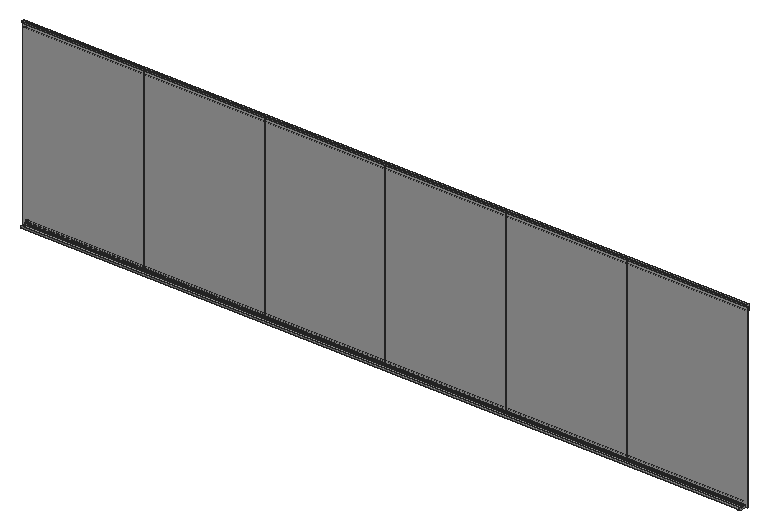
Revit family "Fluent Glass Wall 6x24", category Generic Models, Revit 2018
Family settings
  Can host rebar = No
  Round Connector Dimension = Use Diameter
  Part Type = Normal
  Work Plane-Based = No
  Always vertical = Yes
  Cut with Voids When Loaded = No
  Shared = No
  Room Calculation Point = No
Parameters
  Panel #6 = Fluent Glass Wall 6x24 Panel #6
  Panel #5 = Fluent Glass Wall 6x24 Panel #5
  Panel #4 = Fluent Glass Wall 6x24 Panel #4
  Panel #3 = Fluent Glass Wall 6x24 Panel #3
  Panel #2 = Fluent Glass Wall 6x24 Panel #2
  Panel #1 = Fluent Glass Wall 6x24 Panel #1
Reference planes (in)
  plane 1 "Center (Front/Back)": y = 0
  plane 2: z = 0
  plane 3 "Center (Left/Right)": x = 0
Forms (in)
  Extrusion 1, solid, material "Fluent Glass Wall Trim Metal"
    sketch origin (-94.48819, 0, 0) x (0, 1, 0) y (0, 0, 1)
      loop
        line (-0.28802, 12.71551) -> (-0.28802, 12.22363) -> (-0.48802, 12.22363) -> (-0.48802, 12.77363) -> (-0.60087, 12.77363)
        arc (-0.60087, 12.77363) -> (-0.62209, 12.76485) -> (-0.63087, 12.74363) r 0.03
        line (-0.63087, 12.74363) -> (-0.63087, 12.45418)
        arc (-0.63087, 12.45418) -> (-0.67788, 12.32564) -> (-0.79672, 12.25776) r 0.19924
        arc (-0.79672, 12.25776) -> (-0.86084, 12.24904) -> (-0.92548, 12.24613) r 0.7187
        line (-0.92548, 12.24613) -> (-1.97548, 12.24613)
        arc (-1.97548, 12.24613) -> (-2.26159, 12.30205) -> (-2.50559, 12.4616) r 0.75985
        arc (-2.50559, 12.4616) -> (-2.80704, 12.55283) -> (-2.79142, 12.23827) r 0.19261
        arc (-2.79142, 12.23827) -> (-2.48945, 12.06146) -> (-2.14496, 12) r 0.99607
        line (-2.14496, 12) -> (0, 12) -> (0, 12.30193)
        arc (0, 12.30193) -> (-0.0275, 12.32943) -> (-0.055, 12.30193) r 0.0275
        line (-0.055, 12.30193) -> (-0.055, 12.20843) -> (-0.20802, 12.20843) -> (-0.20802, 12.69439) -> (-0.0848, 12.81762)
        arc (-0.0848, 12.81762) -> (-0.06815, 12.82253) -> (-0.055, 12.81121) r 0.01814
        line (-0.055, 12.81121) -> (-0.055, 12.65693)
        arc (-0.055, 12.65693) -> (-0.0275, 12.62943) -> (0, 12.65693) r 0.0275
        line (0, 12.65693) -> (0, 13.70847)
        arc (0, 13.70847) -> (-0.03996, 13.74843) -> (-0.07993, 13.70847) r 0.03996
        line (-0.07993, 13.70847) -> (-0.07993, 13.62094)
        arc (-0.07993, 13.62094) -> (-0.07047, 13.60109) -> (-0.05, 13.59302) r 0.03
        line (-0.05, 13.59302) -> (-0.05, 13.15338)
        arc (-0.05, 13.15338) -> (-0.07121, 13.14459) -> (-0.08, 13.12338) r 0.03
        line (-0.08, 13.12338) -> (-0.08, 12.92353) -> (-0.28802, 12.71551)
    from -46.26181 to 235.23819
  Extrusion 2, solid, material "Fluent Glass Wall Trim Metal"
    sketch origin (-94.48819, 0, 0) x (0, 1, 0) y (0, 0, 1)
      loop
        line (0, 83.35978) -> (-0.645, 83.35978)
        arc (-0.645, 83.35978) -> (-0.73852, 83.31739) -> (-0.76829, 83.21911) r 0.12436
        arc (-0.76829, 83.21911) -> (-0.57148, 82.66433) -> (-0.166, 82.23759) r 1.41542
        line (-0.166, 82.23759) -> (-0.166, 82.19574)
        arc (-0.166, 82.19574) -> (-0.16235, 82.17737) -> (-0.15194, 82.1618) r 0.048
        line (-0.15194, 82.1618) -> (-0.1, 82.10985) -> (-0.1, 81.00078)
        arc (-0.1, 81.00078) -> (-0.05, 80.95078) -> (0, 81.00078) r 0.05
        line (0, 81.00078) -> (0, 83.35978)
    from -47.24409 to 236.22047
  Extrusion 3, solid, material "Fluent Glass Wall 6x24 Panel #2" <- "Panel #2"
    sketch origin (-94.48819, 0, 0) x (0, 1, 0) y (0, 0, 1)
      loop
        line (-0.48802, 12.22363) -> (-0.28802, 12.22363) -> (-0.28802, 83.08978) -> (-0.48802, 83.08978) -> (-0.48802, 12.22363)
    from 0 to 47.24409
  Extrusion 4, solid, material "Fluent Glass Wall 6x24 Panel #1" <- "Panel #1"
    sketch origin (-94.48819, 0, 0) x (0, 1, 0) y (0, 0, -1)
      loop
        line (-0.48802, -12.22363) -> (-0.48802, -83.08978) -> (-0.28802, -83.08978) -> (-0.28802, -12.22363) -> (-0.48802, -12.22363)
    from 0 to 47.24409
  Extrusion 5, solid, material "Fluent Glass Wall Trim Black"
    sketch origin (-94.48819, 0, 0) x (0, 1, 0) y (0, 0, -1)
      loop
        line (-0.48802, -12.80488) -> (-0.48802, -11.96875) -> (-2.14496, -11.96875)
        arc (-2.14496, -11.96875) -> (-2.49924, -12.03177) -> (-2.81005, -12.2131) r 1.02732
        arc (-2.81005, -12.2131) -> (-2.82851, -12.57569) -> (-2.47857, -12.47895) r 0.22386
        arc (-2.47857, -12.47895) -> (-2.24646, -12.32965) -> (-1.97548, -12.27738) r 0.7286
        line (-1.97548, -12.27738) -> (-0.92548, -12.27738)
        arc (-0.92548, -12.27738) -> (-0.86355, -12.28017) -> (-0.80213, -12.28853) r 0.68745
        arc (-0.80213, -12.28853) -> (-0.70181, -12.34573) -> (-0.66212, -12.45418) r 0.16799
        line (-0.66212, -12.45418) -> (-0.66212, -12.74363)
        arc (-0.66212, -12.74363) -> (-0.64418, -12.78694) -> (-0.60087, -12.80488) r 0.06125
        line (-0.60087, -12.80488) -> (-0.48802, -12.80488)
    from 45.75863 to 46.29027
  Extrusion 6, solid, material "Fluent Glass Wall 6x24 Panel #3" <- "Panel #3"
    sketch origin (-47.24409, 0, 0) x (0, 1, 0) y (0, 0, 1)
      loop
        line (-0.48802, 12.22363) -> (-0.28802, 12.22363) -> (-0.28802, 83.08978) -> (-0.48802, 83.08978) -> (-0.48802, 12.22363)
    from 0 to 47.24409
  Extrusion 7, solid, material "Fluent Glass Wall 6x24 Panel #4" <- "Panel #4"
    sketch origin (0, 0, 0) x (0, 1, 0) y (0, 0, 1)
      loop
        line (-0.48802, 12.22363) -> (-0.28802, 12.22363) -> (-0.28802, 83.08978) -> (-0.48802, 83.08978) -> (-0.48802, 12.22363)
    from 0 to 47.24409
  Extrusion 8, solid, material "Fluent Glass Wall 6x24 Panel #5" <- "Panel #5"
    sketch origin (47.24409, 0, 0) x (0, 1, 0) y (0, 0, 1)
      loop
        line (-0.48802, 12.22363) -> (-0.28802, 12.22363) -> (-0.28802, 83.08978) -> (-0.48802, 83.08978) -> (-0.48802, 12.22363)
    from 0 to 47.24409
  Extrusion 9, solid, material "Fluent Glass Wall 6x24 Panel #6" <- "Panel #6"
    sketch origin (94.48819, 0, 0) x (0, 1, 0) y (0, 0, 1)
      loop
        line (-0.48802, 12.22363) -> (-0.28802, 12.22363) -> (-0.28802, 83.08978) -> (-0.48802, 83.08978) -> (-0.48802, 12.22363)
    from 0 to 47.24409
  Extrusion 10, solid, material "Fluent Glass Wall Trim Black"
    sketch origin (94.48819, 0, 0) x (0, 1, 0) y (0, 0, 1)
      loop
        line (-0.48802, 12.80488) -> (-0.60087, 12.80488)
        arc (-0.60087, 12.80488) -> (-0.64418, 12.78694) -> (-0.66212, 12.74363) r 0.06125
        line (-0.66212, 12.74363) -> (-0.66212, 12.45418)
        arc (-0.66212, 12.45418) -> (-0.70181, 12.34573) -> (-0.80213, 12.28853) r 0.16799
        arc (-0.80213, 12.28853) -> (-0.86355, 12.28017) -> (-0.92548, 12.27738) r 0.68745
        line (-0.92548, 12.27738) -> (-1.97548, 12.27738)
        arc (-1.97548, 12.27738) -> (-2.24646, 12.32965) -> (-2.47857, 12.47895) r 0.7286
        arc (-2.47857, 12.47895) -> (-2.82851, 12.57569) -> (-2.81005, 12.2131) r 0.22386
        arc (-2.81005, 12.2131) -> (-2.49924, 12.03177) -> (-2.14496, 11.96875) r 1.02732
        line (-2.14496, 11.96875) -> (-0.48802, 11.96875) -> (-0.48802, 12.80488)
    from 45.75863 to 46.29027
Dimensions and locks (in)
  aligned and locked: plane 2 to level
